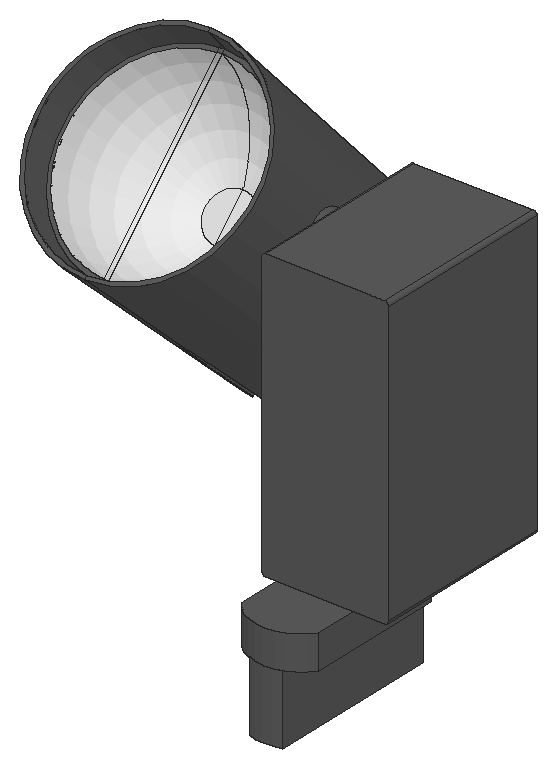
Revit family "0004899 Feilo Sylvania Lighting Fixture START TRACK SPOT S 24W 4K RA90 MB BLACK", category Lighting Fixtures, host Face, Revit 2017
Family settings
  Host = Face
  Round Connector Dimension = Use Diameter
  Part Type = Normal
  OmniClass Number = 23.80.70.00
  OmniClass Title = Lighting
  Cut with Voids When Loaded = No
  Light Source = No
  Shared = No
  Room Calculation Point = No
Parameters (values of type "0004899 START TRACK SPOT S 24W 4K RA90 MB BLACK")
  Weight = "0.966 kg"
  Wattage Comments = ""
  WarrantyStartDate [instance] = "n/a"
  WarrantyGuarantorParts = "n/a"
  WarrantyDurationUnit = "n/a"
  WarrantyDurationParts = "n/a"
  WarrantyDescription = "n/a"
  Voltage = 230 V
  URL = "http://www.sylvania-lighting.com"
  TypeName = "START TRACK SPOT S 24W 4K RA90 MB BLACK"
  TypeHead_FEILO = Start Track Spot Head : 0004899 START TRACK SPOT S 24W 4K RA90 MB BLACK
  TypeBox_FEILO = Start Track Spot Box : Type Small Black
  Type Image = <None>
  Type Comments = "n/a"
  VerticalRotation_FEILO [instance] = 0.00°
  SlideEndAngle_FEILO [instance] = VerticalRotation_FEILO + 180.00°  # 180.00°
  SerialNumber [instance] = "n/a"
  Material_3_FEILO = none
  PowerFactor = 0.95
  PowerConsumption = "24 W"
  NominalLength = 0 mm
  NominalHeight = 200 mm
  NominalDepth = 140 mm
  Name = "START TRACK SPOT S 24W 4K RA90 MB BLACK"
  ModelReference = Name  # "START TRACK SPOT S 24W 4K RA90 MB BLACK"
  ModelNumber = "0004899"
  Model = Name  # "START TRACK SPOT S 24W 4K RA90 MB BLACK"
  Material = "adc12 aluminium housing, polycarbonate diffuser"
  ManufacturerName = "Feilo Sylvania"
  Manufacturer = "Feilo Sylvania"
  LuminousEfficacy = "89 lm/W"
  LuminaireType = ""
  LightOutputRatio = "100"
  LampsType = Lamp  # "LED"
  LampNominalLuminous = "2141 lm"
  LampMacAdamStep = "3"
  LampColourTemperature = "4000 K"
  LampColourRenderingIndex = "90"
  Lamp = "LED"
  Keynote = "16500"
  InstallationDate [instance] = "n/a"
  InputVoltage = "230-240V~"
  InputNominalFrequency = "50/60 Hz"
  IngressProtection = "IP20"
  ImpactProtectionIndex = "IK02"
  IfcExportType = "IfcLightFixtureType"
  IfcExportAs = "IfcLightFixtureType"
  HorizontalRotation_FEILO [instance] = 45.00°
  ExpectedLife = 50000
  ElectricShockClassification = "Class II"
  DurationUnit = "hours"
  DocumentationLiterature = "http://www.sylvania-lighting.com/product/en-int/products/0004899"
  DimmingControlOptions = "Non dimmable"
  Material_2_FEILO = none
  Description = "Integrated LED spotlight, Textured Black - RAL9005, compact and minimalist design, ideal for retail applications, die-cast aluminium body, passive cooling heatsink. Beam angle: 36°, color temperature: 4000K , total system power: 24W, total fixture output: 2141 lm, LOR: 100%, colour rendering: Ra: 90 typical, LED Chromaticity: 3 step MacAdam ellipse, lifetime: >50000 hours at L70B50, energy class: A++, A+, A, IR/UV free light source without heat radiation, operating voltage: 220-240V / 50-60Hz, drive current: 600mA, electronic driver, non-dimmable, power factor: 0.95, electrical protection: Class II, Global Track 3 Phase adapter suitable for Global trac 3-circuit tracks, ingress protection rating: IP20, suitable for internal environment only, horizontal rotation: 355°, vertical tilt: 90°, dimensions: Ø86x140x200, weight: 0.966kg."
  Default Elevation = 1219.2 mm
  CreatedOn = "12/12/2017"
  CreatedBy = ""
  Cost = 0
  built-in parameter 1114216 [instance] = (empty or 0)
  ClassificationValue = "EF_70_80"
  ClassificationName = "Uniclass2015"
  Material_1_FEILO = Body-Sylvania-StartTrackSpot-Black
  BarCode [instance] = "n/a"
  AssetType = "Fixed"
  AssetIdentifier [instance] = "n/a"
  Assembly Code = "D5020200"
  Apparent Load = 24 VA
  Material_4_FEILO = none
Reference planes
  plane 1 "Center (Front/Back)": y = 0
  plane 2: z = 0
  plane 3 "Center (Left/Right)": x = 0
  plane 4: x = 15
  plane 5: x = -15
  plane 6: y = 35
  plane 7: y = -35
  plane 8: z = 13
  plane 9: z = -27
  plane 10: x = 6.5
  plane 11: x = -6.5
  plane 12: y = 27
  plane 13: y = -27
  plane 14: y = 20
Forms (mm)
  Extrusion 1, solid, material "Body-Sylvania-StartTrackSpot-Black" <- "Material_1_FEILO"
    sketch origin (0, 0, 0) x (1, 0, 0) y (0, 1, 0)
      loop
        line (-15, 27) -> (-15, -27)
        arc (-15, -27) -> (0, -35) -> (15, -27) r 18.062
        line (15, -27) -> (15, 27)
        arc (15, 27) -> (0, 35) -> (-15, 27) r 18.062
    from 0 to 13
  Extrusion 2, solid, material "Body-Sylvania-StartTrackSpot-Black" <- "Material_1_FEILO"
    sketch origin (0, 0, 0) x (1, 0, 0) y (0, 1, 0)
      loop
        arc (6.5, 33.79) -> (0, 35) -> (-6.5, 33.79) r 18.062
        line (-6.5, 33.79) -> (-6.5, -33.79)
        arc (-6.5, -33.79) -> (0, -35) -> (6.5, -33.79) r 18.062
        line (6.5, -33.79) -> (6.5, 33.79)
    from 0 to -27
  Revolve 3, solid, not visible
    sketch origin (1524, 20, 1219.2) x (1, 0, 0) y (0, 0, 1)
      loop
        line (-1524, -1206.2) -> (-1524, -1191.285) -> (-1530.5, -1191.285) -> (-1530.5, -1206.2) -> (-1524, -1206.2)
      axis (-1524, -1191.285) -> (-1524, -1206.2)
    angle from 0 <- "VerticalRotation_FEILO" to 180 <- "SlideEndAngle_FEILO"
Cuts and joins
  joined: Extrusion 1, Extrusion 2
Dimensions and locks
  equal spacing: plane 10, plane 3 "Center (Left/Right)", plane 11
  equal spacing: plane 4, plane 3 "Center (Left/Right)", plane 5
  locked: plane 8 to plane 2 at 13
  locked: plane 8 to plane 9 at 40
  equal spacing: plane 13, plane 1 "Center (Front/Back)", plane 12
  locked: plane 12 to plane 6 at 8
  locked: plane 14 to plane 6 at 15
  locked: Revolve 3 sketch curve to plane 8 at 14.915
  aligned and locked: plane 2 to host face
  aligned and locked: level to host face
  aligned and locked: plane 5 to Extrusion 1 sketch curve  (x2)
  aligned and locked: plane 12 to Extrusion 1 sketch curve
  aligned and locked: plane 13 to Extrusion 1 sketch curve
  aligned and locked: plane 4 to Extrusion 1 sketch curve
  aligned and locked: Extrusion 1 to plane 8
  aligned and locked: Extrusion 1 to level
  aligned and locked: Extrusion 2 sketch curve to Extrusion 1  (x2)
  aligned and locked: Extrusion 2 sketch curve to plane 11
  aligned and locked: plane 10 to Extrusion 2 sketch curve
  aligned and locked: plane 9 to Extrusion 2
  aligned and locked: level to Extrusion 2
  aligned and locked: Revolve 3 sketch curve to plane 3 "Center (Left/Right)"  (x2)
  aligned and locked: plane 11 to Revolve 3 sketch curve
  aligned and locked: Revolve 3 sketch curve to plane 8
Automatic sketch dimensions
  host sketch curve to host sketch curve = 2438.4 mm  (x2)
  Extrusion 1 sketch curve to plane 3 "Center (Left/Right)" = 0 mm  (x2)
  Extrusion 1 sketch curve to plane 13 = 10.062 mm
  plane 12 to Extrusion 1 sketch curve = 10.062 mm
  Revolve 3 sketch curve to plane 3 "Center (Left/Right)" = 0 mm
  plane 9 to Revolve 3 sketch curve = 582.6 mm
  Revolve 3 sketch curve to Revolve 3 sketch curve = 2581.144 mm
Nested families
  nested 1: "Start Track Spot Head" at (-62, 20, 112.529) x (0, 0.7071, 0.7071) z (0, 0.7071, -0.7071), type <- "TypeHead_FEILO", type "0004899 START TRACK SPOT S 24W 4K RA90 MB BLACK"
    with built-in parameter 1114216 (empty or 0)
  nested 2: "Start Track Spot Box" at (8.5, 20, 73) x (-1, 0, 0) z (0, -1, 0), BoxStartAngle_FEILO <- "HorizontalRotation_FEILO", type <- "TypeBox_FEILO", type "Type Small Black"
    with BoxStartAngle_FEILO 45.00°, BoxEndAngle_FEILO -135.00°
Connectors
  electrical at (0, 0, 0), driven by "Apparent Load", driven by "PowerFactor", driven by "Voltage"
    settings: index 1, voltage 230 V, apparent load 24 VA, apparent load phase1 0 VA, apparent load phase2 0 VA, apparent load phase3 0 VA, power factor 0.95, load classification "Lighting", number of poles 1, system type 30, power factor state 1, is connector primary yes, connector utility no, sub classification motor no, connector description ""
Definition of nested family "Start Track Spot Head"
  Parameters (values of type "0004811 START TRACK SPOT S 14W 3K RA80 NB WHITE")
    Wattage Comments = "n/a"
    Wattage = 14 W
    built-in parameter 1150110 = 1 (stored number, unit not read)
    URL = "http://www.feilosylvania.com"
    Type Image = (empty or 0)
    Type Comments = "n/a"
    built-in parameter 1114217 = 1 (stored number, unit not read)
    Tilt Angle = -90.00°
    built-in parameter 1150109 = 1 (stored number, unit not read)
    built-in parameter 1150134 = (empty or 0)
    built-in parameter 1150113 = 1 (stored number, unit not read)
    Photometric Web File = "0004811.ies"
    Material_3_FEILO = none
    Model = "START TRACK SPOT S 14W 3K RA80 NB WHITE"
    Manufacturer = "Feilo Sylvania"
    built-in parameter 1150105 = 123.66 (stored number, unit not read)
    Lumens = 1554 lm
    built-in parameter 1150115 = 1 (stored number, unit not read)
    built-in parameter 1150137 = (empty or 0)
    built-in parameter 1150139 = (empty or 0)
    built-in parameter 1150112 = 1 (stored number, unit not read)
    built-in parameter 1150114 = 1 (stored number, unit not read)
    Lamp = "LED"
    Keynote = "16500"
    Material_2_FEILO = none
    built-in parameter 1150132 = (empty or 0)
    built-in parameter 1150102 = (empty or 0)
    built-in parameter 1150107 = 3000 (stored number, unit not read)
    built-in parameter 1150138 = (empty or 0)
    built-in parameter 1150106 = 1.2366 (stored number, unit not read)
    HeadThickness_FEILO = if(HeadDiaOut_FEILO > 112 mm, 2 mm, 1.5 mm)  # 1.5 mm
    HeadRibOffset_FEILO = HeadHeight_FEILO / 28  # 4.179 mm
    HeadRibDepth_FEILO = HeadHeight_FEILO / 2.1  # 55.714 mm
    HeadRibCutWidth_FEILO = HeadDiaOut_FEILO / 12  # 7.167 mm
    HeadRibCutOffset_FEILO = HeadHeight_FEILO / 2.3  # 50.87 mm
    HeadReflectorRadius_FEILO = HeadDiaOut_FEILO / 1.7  # 50.588 mm
    HeadReflectorOffset_FEILO = HeadHeight_FEILO / 2.1  # 55.714 mm
    HeadLEDRadius_FEILO = HeadDiaOut_FEILO / 9  # 9.556 mm
    HeadHeight_FEILO = 117 mm
    HeadDraft_FEILO = 1 mm
    HeadDiffusorThickness_FEILO = 3 mm
    HeadDiffusorOffset_FEILO = HeadHeight_FEILO / 12.4  # 9.435 mm
    HeadDiaOut_FEILO = 86 mm
    HeadDiaIn_FEILO = HeadDiaOut_FEILO / 1.11  # 77.477 mm
    HeadAxisFromTop_FEILO = HeadHeight_FEILO / 1.687  # 69.354 mm
    Emit from Circle Diameter = HeadDiaIn_FEILO  # 77.477 mm
    Emit Shape Visible in Rendering = no
    built-in parameter 1150104 = 10.312 (stored number, unit not read)
    Dimming Lamp Color Temperature Shift = (empty or 0)
    Description = "Integrated LED spotlight, Textured White - RAL9016, compact and minimalist design, ideal for retail applications, die-cast aluminium body, passive cooling heatsink. Beam angle: 12°, color temperature: 3000K , total system power: 14W, total fixture output: 1551 lm, LOR: 100%, colour rendering: Ra: 80 typical, LED Chromaticity: 3 step MacAdam ellipse, lifetime: >50000 hours at L70B50, energy class: A++, A+, A, IR/UV free light source without heat radiation, operating voltage: 220-240V / 50-60Hz, drive current: 350mA, electronic driver, non-dimmable, power factor: 0.92, electrical protection: Class II, Global Track 3 Phase adapter suitable for Global trac 3-circuit tracks, ingress protection rating: IP20, suitable for internal environment only, horizontal rotation: 355°, vertical tilt: 90°, dimensions: Ø86x140x200, weight: 0.940kg."
    Default Elevation = 1219.2 mm
    Cost = 0
    Color Filter = 16777215
    built-in parameter 1114216 [instance] = (empty or 0)
    Material_1_FEILO = none
    built-in parameter 1114218 = 1 (stored number, unit not read)
    built-in parameter 1150133 = 10 (stored number, unit not read)
    Assembly Code = "D5020200"
    Apparent Load = 14 VA
    Material_4_FEILO = none
  Types (96, lengths in mm): name | Wattage | built-in parameter 1150134 | Photometric Web File | Model | built-in parameter 1150105 | Lumens | built-in parameter 1150107 | built-in parameter 1150106 | HeadThickness_FEILO | HeadRibOffset_FEILO | HeadRibDepth_FEILO | HeadRibCutWidth_FEILO | HeadRibCutOffset_FEILO | HeadReflectorRadius_FEILO | HeadReflectorOffset_FEILO | HeadLEDRadius_FEILO | HeadHeight_FEILO | HeadDiffusorOffset_FEILO | HeadDiaOut_FEILO | HeadDiaIn_FEILO | HeadAxisFromTop_FEILO | Emit from Circle Diameter | built-in parameter 1150104 | Description | Apparent Load
    0004906 START TRACK SPOT L 55W 4K RA90 WB BLACK | 55 W | 12 | "0004906.ies" | "START TRACK SPOT L 55W 4K RA90 WB BLACK" | 385.15 (stored number, unit not read) | 4840 lm | 4000 (stored number, unit not read) | 3.8515 (stored number, unit not read) | 2 | 4.429 | 59.048 | 9.417 | 53.913 | 66.471 | 59.048 | 12.556 | 124 | 10 | 113 | 101.802 | 73.503 | 101.802 | 8.1755 (stored number, unit not read) | "Integrated LED spotlight, Textured Black - RAL9005, compact and minimalist design, ideal for retail applications, die-cast aluminium body, passive cooling heatsink. Beam angle: 52°, color temperature: 4000K , total system power: 55W, total fixture output: 4824 lm, LOR: 100%, colour rendering: Ra: 90 typical, LED Chromaticity: 3 step MacAdam ellipse, lifetime: >50000 hours at L70B50, energy class: A++, A+, A, IR/UV free light source without heat radiation, operating voltage: 220-240V / 50-60Hz, drive current: 1400mA, electronic driver, non-dimmable, power factor: 0.96, electrical protection: Class II, Global Track 3 Phase adapter suitable for Global trac 3-circuit tracks, ingress protection rating: IP20, suitable for internal environment only, horizontal rotation: 355°, vertical tilt: 90°, dimensions: Ø113x164x240, weight: 1.398kg." | 55 VA
    0004905 START TRACK SPOT L 55W 4K RA90 MB BLACK | 55 W | 12 | "0004905.ies" | "START TRACK SPOT L 55W 4K RA90 MB BLACK" | 389.53 (stored number, unit not read) | 4895 lm | 4000 (stored number, unit not read) | 3.8953 (stored number, unit not read) | 2 | 4.429 | 59.048 | 9.417 | 53.913 | 66.471 | 59.048 | 12.556 | 124 | 10 | 113 | 101.802 | 73.503 | 101.802 | 8.2684 (stored number, unit not read) | "Integrated LED spotlight, Textured Black - RAL9005, compact and minimalist design, ideal for retail applications, die-cast aluminium body, passive cooling heatsink. Beam angle: 38°, color temperature: 4000K , total system power: 55W, total fixture output: 4897 lm, LOR: 100%, colour rendering: Ra: 90 typical, LED Chromaticity: 3 step MacAdam ellipse, lifetime: >50000 hours at L70B50, energy class: A++, A+, A, IR/UV free light source without heat radiation, operating voltage: 220-240V / 50-60Hz, drive current: 1400mA, electronic driver, non-dimmable, power factor: 0.96, electrical protection: Class II, Global Track 3 Phase adapter suitable for Global trac 3-circuit tracks, ingress protection rating: IP20, suitable for internal environment only, horizontal rotation: 355°, vertical tilt: 90°, dimensions: Ø113x164x240, weight: 1.398kg." | 55 VA
    0004904 START TRACK SPOT L 55W 4K RA90 NB BLACK | 55 W | 12 | "0004904.ies" | "START TRACK SPOT L 55W 4K RA90 NB BLACK" | 393.91 (stored number, unit not read) | 4950 lm | 4000 (stored number, unit not read) | 3.9391 (stored number, unit not read) | 2 | 4.429 | 59.048 | 9.417 | 53.913 | 66.471 | 59.048 | 12.556 | 124 | 10 | 113 | 101.802 | 73.503 | 101.802 | 8.3613 (stored number, unit not read) | "Integrated LED spotlight, Textured Black - RAL9005, compact and minimalist design, ideal for retail applications, die-cast aluminium body, passive cooling heatsink. Beam angle: 15°, color temperature: 4000K , total system power: 55W, total fixture output: 4965 lm, LOR: 100%, colour rendering: Ra: 90 typical, LED Chromaticity: 3 step MacAdam ellipse, lifetime: >50000 hours at L70B50, energy class: A++, A+, A, IR/UV free light source without heat radiation, operating voltage: 220-240V / 50-60Hz, drive current: 1400mA, electronic driver, non-dimmable, power factor: 0.96, electrical protection: Class II, Global Track 3 Phase adapter suitable for Global trac 3-circuit tracks, ingress protection rating: IP20, suitable for internal environment only, horizontal rotation: 355°, vertical tilt: 90°, dimensions: Ø113x164x240, weight: 1.398kg." | 55 VA
    0004903 START TRACK SPOT L 35W 4K RA90 WB BLACK | 35 W | 12 | "0004903.ies" | "START TRACK SPOT L 35W 4K RA90 WB BLACK" | 284.09 (stored number, unit not read) | 3570 lm | 4000 (stored number, unit not read) | 2.8409 (stored number, unit not read) | 2 | 4.429 | 59.048 | 9.417 | 53.913 | 66.471 | 59.048 | 12.556 | 124 | 10 | 113 | 101.802 | 73.503 | 101.802 | 9.4761 (stored number, unit not read) | "Integrated LED spotlight, Textured Black - RAL9005, compact and minimalist design, ideal for retail applications, die-cast aluminium body, passive cooling heatsink. Beam angle: 52°, color temperature: 4000K , total system power: 35W, total fixture output: 3562 lm, LOR: 100%, colour rendering: Ra: 90 typical, LED Chromaticity: 3 step MacAdam ellipse, lifetime: >50000 hours at L70B50, energy class: A++, A+, A, IR/UV free light source without heat radiation, operating voltage: 220-240V / 50-60Hz, drive current: 900mA, electronic driver, non-dimmable, power factor: 0.93, electrical protection: Class II, Global Track 3 Phase adapter suitable for Global trac 3-circuit tracks, ingress protection rating: IP20, suitable for internal environment only, horizontal rotation: 355°, vertical tilt: 90°, dimensions: Ø113x164x240, weight: 1.368kg." | 35 VA
    0004902 START TRACK SPOT L 35W 4K RA90 MB BLACK | 35 W | 12 | "0004902.ies" | "START TRACK SPOT L 35W 4K RA90 MB BLACK" | 286.88 (stored number, unit not read) | 3605 lm | 4000 (stored number, unit not read) | 2.8688 (stored number, unit not read) | 2 | 4.429 | 59.048 | 9.417 | 53.913 | 66.471 | 59.048 | 12.556 | 124 | 10 | 113 | 101.802 | 73.503 | 101.802 | 9.569 (stored number, unit not read) | "Integrated LED spotlight, Textured Black - RAL9005, compact and minimalist design, ideal for retail applications, die-cast aluminium body, passive cooling heatsink. Beam angle: 38°, color temperature: 4000K , total system power: 35W, total fixture output: 3616 lm, LOR: 100%, colour rendering: Ra: 90 typical, LED Chromaticity: 3 step MacAdam ellipse, lifetime: >50000 hours at L70B50, energy class: A++, A+, A, IR/UV free light source without heat radiation, operating voltage: 220-240V / 50-60Hz, drive current: 900mA, electronic driver, non-dimmable, power factor: 0.93, electrical protection: Class II, Global Track 3 Phase adapter suitable for Global trac 3-circuit tracks, ingress protection rating: IP20, suitable for internal environment only, horizontal rotation: 355°, vertical tilt: 90°, dimensions: Ø113x164x240, weight: 1.368kg." | 35 VA
    0004901 START TRACK SPOT L 35W 4K RA90 NB BLACK | 35 W | 12 | "0004901.ies" | "START TRACK SPOT L 35W 4K RA90 NB BLACK" | 286.88 (stored number, unit not read) | 3605 lm | 4000 (stored number, unit not read) | 2.8688 (stored number, unit not read) | 2 | 4.429 | 59.048 | 9.417 | 53.913 | 66.471 | 59.048 | 12.556 | 124 | 10 | 113 | 101.802 | 73.503 | 101.802 | 9.569 (stored number, unit not read) | "Integrated LED spotlight, Textured Black - RAL9005, compact and minimalist design, ideal for retail applications, die-cast aluminium body, passive cooling heatsink. Beam angle: 15°, color temperature: 4000K , total system power: 35W, total fixture output: 3593 lm, LOR: 100%, colour rendering: Ra: 90 typical, LED Chromaticity: 3 step MacAdam ellipse, lifetime: >50000 hours at L70B50, energy class: A++, A+, A, IR/UV free light source without heat radiation, operating voltage: 220-240V / 50-60Hz, drive current: 900mA, electronic driver, non-dimmable, power factor: 0.93, electrical protection: Class II, Global Track 3 Phase adapter suitable for Global trac 3-circuit tracks, ingress protection rating: IP20, suitable for internal environment only, horizontal rotation: 355°, vertical tilt: 90°, dimensions: Ø113x164x240, weight: 1.368kg." | 35 VA
    0004900 START TRACK SPOT S 24W 4K RA90 WB BLACK | 24 W | 12 | "0004900.ies" | "START TRACK SPOT S 24W 4K RA90 WB BLACK" | 166.16 (stored number, unit not read) | 2088 lm | 4000 (stored number, unit not read) | 1.6616 (stored number, unit not read) | 1.5 | 4.179 | 55.714 | 7.167 | 50.87 | 50.588 | 55.714 | 9.556 | 117 | 9.435 | 86 | 77.477 | 69.354 | 77.477 | 8.0826 (stored number, unit not read) | "Integrated LED spotlight, Textured Black - RAL9005, compact and minimalist design, ideal for retail applications, die-cast aluminium body, passive cooling heatsink. Beam angle: 64°, color temperature: 4000K , total system power: 24W, total fixture output: 2087 lm, LOR: 100%, colour rendering: Ra: 90 typical, LED Chromaticity: 3 step MacAdam ellipse, lifetime: >50000 hours at L70B50, energy class: A++, A+, A, IR/UV free light source without heat radiation, operating voltage: 220-240V / 50-60Hz, drive current: 600mA, electronic driver, non-dimmable, power factor: 0.95, electrical protection: Class II, Global Track 3 Phase adapter suitable for Global trac 3-circuit tracks, ingress protection rating: IP20, suitable for internal environment only, horizontal rotation: 355°, vertical tilt: 90°, dimensions: Ø86x140x200, weight: 0.966kg." | 24 VA
    0004899 START TRACK SPOT S 24W 4K RA90 MB BLACK | 24 W | 12 | "0004899.ies" | "START TRACK SPOT S 24W 4K RA90 MB BLACK" | 169.98 (stored number, unit not read) | 2136 lm | 4000 (stored number, unit not read) | 1.6998 (stored number, unit not read) | 1.5 | 4.179 | 55.714 | 7.167 | 50.87 | 50.588 | 55.714 | 9.556 | 117 | 9.435 | 86 | 77.477 | 69.354 | 77.477 | 8.2684 (stored number, unit not read) | "Integrated LED spotlight, Textured Black - RAL9005, compact and minimalist design, ideal for retail applications, die-cast aluminium body, passive cooling heatsink. Beam angle: 36°, color temperature: 4000K , total system power: 24W, total fixture output: 2141 lm, LOR: 100%, colour rendering: Ra: 90 typical, LED Chromaticity: 3 step MacAdam ellipse, lifetime: >50000 hours at L70B50, energy class: A++, A+, A, IR/UV free light source without heat radiation, operating voltage: 220-240V / 50-60Hz, drive current: 600mA, electronic driver, non-dimmable, power factor: 0.95, electrical protection: Class II, Global Track 3 Phase adapter suitable for Global trac 3-circuit tracks, ingress protection rating: IP20, suitable for internal environment only, horizontal rotation: 355°, vertical tilt: 90°, dimensions: Ø86x140x200, weight: 0.966kg." | 24 VA
    0004898 START TRACK SPOT S 24W 4K RA90 NB BLACK | 24 W | 12 | "0004898.ies" | "START TRACK SPOT S 24W 4K RA90 NB BLACK" | 171.89 (stored number, unit not read) | 2160 lm | 4000 (stored number, unit not read) | 1.7189 (stored number, unit not read) | 1.5 | 4.179 | 55.714 | 7.167 | 50.87 | 50.588 | 55.714 | 9.556 | 117 | 9.435 | 86 | 77.477 | 69.354 | 77.477 | 8.3613 (stored number, unit not read) | "Integrated LED spotlight, Textured Black - RAL9005, compact and minimalist design, ideal for retail applications, die-cast aluminium body, passive cooling heatsink. Beam angle: 12°, color temperature: 4000K , total system power: 24W, total fixture output: 2155 lm, LOR: 100%, colour rendering: Ra: 90 typical, LED Chromaticity: 3 step MacAdam ellipse, lifetime: >50000 hours at L70B50, energy class: A++, A+, A, IR/UV free light source without heat radiation, operating voltage: 220-240V / 50-60Hz, drive current: 600mA, electronic driver, non-dimmable, power factor: 0.95, electrical protection: Class II, Global Track 3 Phase adapter suitable for Global trac 3-circuit tracks, ingress protection rating: IP20, suitable for internal environment only, horizontal rotation: 355°, vertical tilt: 90°, dimensions: Ø86x140x200, weight: 0.966kg." | 24 VA
    0004897 START TRACK SPOT S 14W 4K RA90 WB BLACK | 14 W | 12 | "0004897.ies" | "START TRACK SPOT S 14W 4K RA90 WB BLACK" | 108.07 (stored number, unit not read) | 1358 lm | 4000 (stored number, unit not read) | 1.0807 (stored number, unit not read) | 1.5 | 4.179 | 55.714 | 7.167 | 50.87 | 50.588 | 55.714 | 9.556 | 117 | 9.435 | 86 | 77.477 | 69.354 | 77.477 | 9.0116 (stored number, unit not read) | "Integrated LED spotlight, Textured Black - RAL9005, compact and minimalist design, ideal for retail applications, die-cast aluminium body, passive cooling heatsink. Beam angle: 64°, color temperature: 4000K , total system power: 14W, total fixture output: 1352 lm, LOR: 100%, colour rendering: Ra: 90 typical, LED Chromaticity: 3 step MacAdam ellipse, lifetime: >50000 hours at L70B50, energy class: A++, A+, A, IR/UV free light source without heat radiation, operating voltage: 220-240V / 50-60Hz, drive current: 350mA, electronic driver, non-dimmable, power factor: 0.92, electrical protection: Class II, Global Track 3 Phase adapter suitable for Global trac 3-circuit tracks, ingress protection rating: IP20, suitable for internal environment only, horizontal rotation: 355°, vertical tilt: 90°, dimensions: Ø86x140x200, weight: 0.940kg." | 14 VA
    0004896 START TRACK SPOT S 14W 4K RA90 MB BLACK | 14 W | 12 | "0004896.ies" | "START TRACK SPOT S 14W 4K RA90 MB BLACK" | 108.07 (stored number, unit not read) | 1358 lm | 4000 (stored number, unit not read) | 1.0807 (stored number, unit not read) | 1.5 | 4.179 | 55.714 | 7.167 | 50.87 | 50.588 | 55.714 | 9.556 | 117 | 9.435 | 86 | 77.477 | 69.354 | 77.477 | 9.0116 (stored number, unit not read) | "Integrated LED spotlight, Textured Black - RAL9005, compact and minimalist design, ideal for retail applications, die-cast aluminium body, passive cooling heatsink. Beam angle: 36°, color temperature: 4000K , total system power: 14W, total fixture output: 1359 lm, LOR: 100%, colour rendering: Ra: 90 typical, LED Chromaticity: 3 step MacAdam ellipse, lifetime: >50000 hours at L70B50, energy class: A++, A+, A, IR/UV free light source without heat radiation, operating voltage: 220-240V / 50-60Hz, drive current: 350mA, electronic driver, non-dimmable, power factor: 0.92, electrical protection: Class II, Global Track 3 Phase adapter suitable for Global trac 3-circuit tracks, ingress protection rating: IP20, suitable for internal environment only, horizontal rotation: 355°, vertical tilt: 90°, dimensions: Ø86x140x200, weight: 0.940kg." | 14 VA
    0004895 START TRACK SPOT S 14W 4K RA90 NB BLACK | 14 W | 12 | "0004895.ies" | "START TRACK SPOT S 14W 4K RA90 NB BLACK" | 106.95 (stored number, unit not read) | 1344 lm | 4000 (stored number, unit not read) | 1.0695 (stored number, unit not read) | 1.5 | 4.179 | 55.714 | 7.167 | 50.87 | 50.588 | 55.714 | 9.556 | 117 | 9.435 | 86 | 77.477 | 69.354 | 77.477 | 8.9187 (stored number, unit not read) | "Integrated LED spotlight, Textured Black - RAL9005, compact and minimalist design, ideal for retail applications, die-cast aluminium body, passive cooling heatsink. Beam angle: 12°, color temperature: 4000K , total system power: 14W, total fixture output: 1349 lm, LOR: 100%, colour rendering: Ra: 90 typical, LED Chromaticity: 3 step MacAdam ellipse, lifetime: >50000 hours at L70B50, energy class: A++, A+, A, IR/UV free light source without heat radiation, operating voltage: 220-240V / 50-60Hz, drive current: 350mA, electronic driver, non-dimmable, power factor: 0.92, electrical protection: Class II, Global Track 3 Phase adapter suitable for Global trac 3-circuit tracks, ingress protection rating: IP20, suitable for internal environment only, horizontal rotation: 355°, vertical tilt: 90°, dimensions: Ø86x140x200, weight: 0.940kg." | 14 VA
    0004894 START TRACK SPOT L 55W 3K RA90 WB BLACK | 55 W | (empty or 0) | "0004894.ies" | "START TRACK SPOT L 55W 3K RA90 WB BLACK" | 350.14 (stored number, unit not read) | 4400 lm | 3000 (stored number, unit not read) | 3.5014 (stored number, unit not read) | 2 | 4.429 | 59.048 | 9.417 | 53.913 | 66.471 | 59.048 | 12.556 | 124 | 10 | 113 | 101.802 | 73.503 | 101.802 | 7.4322 (stored number, unit not read) | "Integrated LED spotlight, Textured Black - RAL9005, compact and minimalist design, ideal for retail applications, die-cast aluminium body, passive cooling heatsink. Beam angle: 52°, color temperature: 3000K , total system power: 55W, total fixture output: 4405 lm, LOR: 100%, colour rendering: Ra: 90 typical, LED Chromaticity: 3 step MacAdam ellipse, lifetime: >50000 hours at L70B50, energy class: A++, A+, A, IR/UV free light source without heat radiation, operating voltage: 220-240V / 50-60Hz, drive current: 1400mA, electronic driver, non-dimmable, power factor: 0.96, electrical protection: Class II, Global Track 3 Phase adapter suitable for Global trac 3-circuit tracks, ingress protection rating: IP20, suitable for internal environment only, horizontal rotation: 355°, vertical tilt: 90°, dimensions: Ø113x164x240, weight: 1.398kg." | 55 VA
    0004893 START TRACK SPOT L 55W 3K RA90 MB BLACK | 55 W | (empty or 0) | "0004893.ies" | "START TRACK SPOT L 55W 3K RA90 MB BLACK" | 354.52 (stored number, unit not read) | 4455 lm | 3000 (stored number, unit not read) | 3.5452 (stored number, unit not read) | 2 | 4.429 | 59.048 | 9.417 | 53.913 | 66.471 | 59.048 | 12.556 | 124 | 10 | 113 | 101.802 | 73.503 | 101.802 | 7.5251 (stored number, unit not read) | "Integrated LED spotlight, Textured Black - RAL9005, compact and minimalist design, ideal for retail applications, die-cast aluminium body, passive cooling heatsink. Beam angle: 38°, color temperature: 3000K , total system power: 55W, total fixture output: 4448 lm, LOR: 100%, colour rendering: Ra: 90 typical, LED Chromaticity: 3 step MacAdam ellipse, lifetime: >50000 hours at L70B50, energy class: A++, A+, A, IR/UV free light source without heat radiation, operating voltage: 220-240V / 50-60Hz, drive current: 1400mA, electronic driver, non-dimmable, power factor: 0.96, electrical protection: Class II, Global Track 3 Phase adapter suitable for Global trac 3-circuit tracks, ingress protection rating: IP20, suitable for internal environment only, horizontal rotation: 355°, vertical tilt: 90°, dimensions: Ø113x164x240, weight: 1.398kg." | 55 VA
    0004892 START TRACK SPOT L 55W 3K RA90 NB BLACK | 55 W | (empty or 0) | "0004892.ies" | "START TRACK SPOT L 55W 3K RA90 NB BLACK" | 350.14 (stored number, unit not read) | 4400 lm | 3000 (stored number, unit not read) | 3.5014 (stored number, unit not read) | 2 | 4.429 | 59.048 | 9.417 | 53.913 | 66.471 | 59.048 | 12.556 | 124 | 10 | 113 | 101.802 | 73.503 | 101.802 | 7.4322 (stored number, unit not read) | "Integrated LED spotlight, Textured Black - RAL9005, compact and minimalist design, ideal for retail applications, die-cast aluminium body, passive cooling heatsink. Beam angle: 15°, color temperature: 3000K , total system power: 55W, total fixture output: 4416 lm, LOR: 100%, colour rendering: Ra: 90 typical, LED Chromaticity: 3 step MacAdam ellipse, lifetime: >50000 hours at L70B50, energy class: A++, A+, A, IR/UV free light source without heat radiation, operating voltage: 220-240V / 50-60Hz, drive current: 1400mA, electronic driver, non-dimmable, power factor: 0.96, electrical protection: Class II, Global Track 3 Phase adapter suitable for Global trac 3-circuit tracks, ingress protection rating: IP20, suitable for internal environment only, horizontal rotation: 355°, vertical tilt: 90°, dimensions: Ø113x164x240, weight: 1.398kg." | 55 VA
    0004891 START TRACK SPOT L 35W 3K RA90 WB BLACK | 35 W | (empty or 0) | "0004891.ies" | "START TRACK SPOT L 35W 3K RA90 WB BLACK" | 259.02 (stored number, unit not read) | 3255 lm | 3000 (stored number, unit not read) | 2.5902 (stored number, unit not read) | 2 | 4.429 | 59.048 | 9.417 | 53.913 | 66.471 | 59.048 | 12.556 | 124 | 10 | 113 | 101.802 | 73.503 | 101.802 | 8.64 (stored number, unit not read) | "Integrated LED spotlight, Textured Black - RAL9005, compact and minimalist design, ideal for retail applications, die-cast aluminium body, passive cooling heatsink. Beam angle: 52°, color temperature: 3000K , total system power: 35W, total fixture output: 3260 lm, LOR: 100%, colour rendering: Ra: 90 typical, LED Chromaticity: 3 step MacAdam ellipse, lifetime: >50000 hours at L70B50, energy class: A++, A+, A, IR/UV free light source without heat radiation, operating voltage: 220-240V / 50-60Hz, drive current: 900mA, electronic driver, non-dimmable, power factor: 0.93, electrical protection: Class II, Global Track 3 Phase adapter suitable for Global trac 3-circuit tracks, ingress protection rating: IP20, suitable for internal environment only, horizontal rotation: 355°, vertical tilt: 90°, dimensions: Ø113x164x240, weight: 1.368kg." | 35 VA
    0004890 START TRACK SPOT L 35W 3K RA90 MB BLACK | 35 W | (empty or 0) | "0004890.ies" | "START TRACK SPOT L 35W 3K RA90 MB BLACK" | 261.81 (stored number, unit not read) | 3290 lm | 3000 (stored number, unit not read) | 2.6181 (stored number, unit not read) | 2 | 4.429 | 59.048 | 9.417 | 53.913 | 66.471 | 59.048 | 12.556 | 124 | 10 | 113 | 101.802 | 73.503 | 101.802 | 8.7329 (stored number, unit not read) | "Integrated LED spotlight, Textured Black - RAL9005, compact and minimalist design, ideal for retail applications, die-cast aluminium body, passive cooling heatsink. Beam angle: 38°, color temperature: 3000K , total system power: 35W, total fixture output: 3306 lm, LOR: 100%, colour rendering: Ra: 90 typical, LED Chromaticity: 3 step MacAdam ellipse, lifetime: >50000 hours at L70B50, energy class: A++, A+, A, IR/UV free light source without heat radiation, operating voltage: 220-240V / 50-60Hz, drive current: 900mA, electronic driver, non-dimmable, power factor: 0.93, electrical protection: Class II, Global Track 3 Phase adapter suitable for Global trac 3-circuit tracks, ingress protection rating: IP20, suitable for internal environment only, horizontal rotation: 355°, vertical tilt: 90°, dimensions: Ø113x164x240, weight: 1.368kg." | 35 VA
    0004889 START TRACK SPOT L 35W 3K RA90 NB BLACK | 35 W | (empty or 0) | "0004889.ies" | "START TRACK SPOT L 35W 3K RA90 NB BLACK" | 261.81 (stored number, unit not read) | 3290 lm | 3000 (stored number, unit not read) | 2.6181 (stored number, unit not read) | 2 | 4.429 | 59.048 | 9.417 | 53.913 | 66.471 | 59.048 | 12.556 | 124 | 10 | 113 | 101.802 | 73.503 | 101.802 | 8.7329 (stored number, unit not read) | "Integrated LED spotlight, Textured Black - RAL9005, compact and minimalist design, ideal for retail applications, die-cast aluminium body, passive cooling heatsink. Beam angle: 15°, color temperature: 3000K , total system power: 35W, total fixture output: 3287 lm, LOR: 100%, colour rendering: Ra: 90 typical, LED Chromaticity: 3 step MacAdam ellipse, lifetime: >50000 hours at L70B50, energy class: A++, A+, A, IR/UV free light source without heat radiation, operating voltage: 220-240V / 50-60Hz, drive current: 900mA, electronic driver, non-dimmable, power factor: 0.93, electrical protection: Class II, Global Track 3 Phase adapter suitable for Global trac 3-circuit tracks, ingress protection rating: IP20, suitable for internal environment only, horizontal rotation: 355°, vertical tilt: 90°, dimensions: Ø113x164x240, weight: 1.368kg." | 35 VA
    0004888 START TRACK SPOT S 24W 3K RA90 WB BLACK | 24 W | (empty or 0) | "0004888.ies" | "START TRACK SPOT S 24W 3K RA90 WB BLACK" | 152.79 (stored number, unit not read) | 1920 lm | 3000 (stored number, unit not read) | 1.5279 (stored number, unit not read) | 1.5 | 4.179 | 55.714 | 7.167 | 50.87 | 50.588 | 55.714 | 9.556 | 117 | 9.435 | 86 | 77.477 | 69.354 | 77.477 | 7.4322 (stored number, unit not read) | "Integrated LED spotlight, Textured Black - RAL9005, compact and minimalist design, ideal for retail applications, die-cast aluminium body, passive cooling heatsink. Beam angle: 64°, color temperature: 3000K , total system power: 24W, total fixture output: 1928 lm, LOR: 100%, colour rendering: Ra: 90 typical, LED Chromaticity: 3 step MacAdam ellipse, lifetime: >50000 hours at L70B50, energy class: A++, A+, A, IR/UV free light source without heat radiation, operating voltage: 220-240V / 50-60Hz, drive current: 600mA, electronic driver, non-dimmable, power factor: 0.95, electrical protection: Class II, Global Track 3 Phase adapter suitable for Global trac 3-circuit tracks, ingress protection rating: IP20, suitable for internal environment only, horizontal rotation: 355°, vertical tilt: 90°, dimensions: Ø86x140x200, weight: 0.966kg." | 24 VA
    0004887 START TRACK SPOT S 24W 3K RA90 MB BLACK | 24 W | (empty or 0) | "0004887.ies" | "START TRACK SPOT S 24W 3K RA90 MB BLACK" | 154.7 (stored number, unit not read) | 1944 lm | 3000 (stored number, unit not read) | 1.547 (stored number, unit not read) | 1.5 | 4.179 | 55.714 | 7.167 | 50.87 | 50.588 | 55.714 | 9.556 | 117 | 9.435 | 86 | 77.477 | 69.354 | 77.477 | 7.5251 (stored number, unit not read) | "Integrated LED spotlight, Textured Black - RAL9005, compact and minimalist design, ideal for retail applications, die-cast aluminium body, passive cooling heatsink. Beam angle: 36°, color temperature: 3000K , total system power: 24W, total fixture output: 1944 lm, LOR: 100%, colour rendering: Ra: 90 typical, LED Chromaticity: 3 step MacAdam ellipse, lifetime: >50000 hours at L70B50, energy class: A++, A+, A, IR/UV free light source without heat radiation, operating voltage: 220-240V / 50-60Hz, drive current: 600mA, electronic driver, non-dimmable, power factor: 0.95, electrical protection: Class II, Global Track 3 Phase adapter suitable for Global trac 3-circuit tracks, ingress protection rating: IP20, suitable for internal environment only, horizontal rotation: 355°, vertical tilt: 90°, dimensions: Ø86x140x200, weight: 0.966kg." | 24 VA
    0004886 START TRACK SPOT S 24W 3K RA90 NB BLACK | 24 W | (empty or 0) | "0004886.ies" | "START TRACK SPOT S 24W 3K RA90 NB BLACK" | 158.52 (stored number, unit not read) | 1992 lm | 3000 (stored number, unit not read) | 1.5852 (stored number, unit not read) | 1.5 | 4.179 | 55.714 | 7.167 | 50.87 | 50.588 | 55.714 | 9.556 | 117 | 9.435 | 86 | 77.477 | 69.354 | 77.477 | 7.711 (stored number, unit not read) | "Integrated LED spotlight, Textured Black - RAL9005, compact and minimalist design, ideal for retail applications, die-cast aluminium body, passive cooling heatsink. Beam angle: 12°, color temperature: 3000K , total system power: 24W, total fixture output: 1987 lm, LOR: 100%, colour rendering: Ra: 90 typical, LED Chromaticity: 3 step MacAdam ellipse, lifetime: >50000 hours at L70B50, energy class: A++, A+, A, IR/UV free light source without heat radiation, operating voltage: 220-240V / 50-60Hz, drive current: 600mA, electronic driver, non-dimmable, power factor: 0.95, electrical protection: Class II, Global Track 3 Phase adapter suitable for Global trac 3-circuit tracks, ingress protection rating: IP20, suitable for internal environment only, horizontal rotation: 355°, vertical tilt: 90°, dimensions: Ø86x140x200, weight: 0.966kg." | 24 VA
    0004885 START TRACK SPOT S 14W 3K RA90 WB BLACK | 14 W | (empty or 0) | "0004885.ies" | "START TRACK SPOT S 14W 3K RA90 WB BLACK" | 100.27 (stored number, unit not read) | 1260 lm | 3000 (stored number, unit not read) | 1.0027 (stored number, unit not read) | 1.5 | 4.179 | 55.714 | 7.167 | 50.87 | 50.588 | 55.714 | 9.556 | 117 | 9.435 | 86 | 77.477 | 69.354 | 77.477 | 8.3613 (stored number, unit not read) | "Integrated LED spotlight, Textured Black - RAL9005, compact and minimalist design, ideal for retail applications, die-cast aluminium body, passive cooling heatsink. Beam angle: 64°, color temperature: 3000K , total system power: 14W, total fixture output: 1262 lm, LOR: 100%, colour rendering: Ra: 90 typical, LED Chromaticity: 3 step MacAdam ellipse, lifetime: >50000 hours at L70B50, energy class: A++, A+, A, IR/UV free light source without heat radiation, operating voltage: 220-240V / 50-60Hz, drive current: 350mA, electronic driver, non-dimmable, power factor: 0.92, electrical protection: Class II, Global Track 3 Phase adapter suitable for Global trac 3-circuit tracks, ingress protection rating: IP20, suitable for internal environment only, horizontal rotation: 355°, vertical tilt: 90°, dimensions: Ø86x140x200, weight: 0.940kg." | 14 VA
    0004884 START TRACK SPOT S 14W 3K RA90 MB BLACK | 14 W | (empty or 0) | "0004884.ies" | "START TRACK SPOT S 14W 3K RA90 MB BLACK" | 100.27 (stored number, unit not read) | 1260 lm | 3000 (stored number, unit not read) | 1.0027 (stored number, unit not read) | 1.5 | 4.179 | 55.714 | 7.167 | 50.87 | 50.588 | 55.714 | 9.556 | 117 | 9.435 | 86 | 77.477 | 69.354 | 77.477 | 8.3613 (stored number, unit not read) | "Integrated LED spotlight, Textured Black - RAL9005, compact and minimalist design, ideal for retail applications, die-cast aluminium body, passive cooling heatsink. Beam angle: 36°, color temperature: 3000K , total system power: 14W, total fixture output: 1262 lm, LOR: 100%, colour rendering: Ra: 90 typical, LED Chromaticity: 3 step MacAdam ellipse, lifetime: >50000 hours at L70B50, energy class: A++, A+, A, IR/UV free light source without heat radiation, operating voltage: 220-240V / 50-60Hz, drive current: 350mA, electronic driver, non-dimmable, power factor: 0.92, electrical protection: Class II, Global Track 3 Phase adapter suitable for Global trac 3-circuit tracks, ingress protection rating: IP20, suitable for internal environment only, horizontal rotation: 355°, vertical tilt: 90°, dimensions: Ø86x140x200, weight: 0.940kg." | 14 VA
    0004883 START TRACK SPOT S 14W 3K RA90 NB BLACK | 14 W | (empty or 0) | "0004883.ies" | "START TRACK SPOT S 14W 3K RA90 NB BLACK" | 102.5 (stored number, unit not read) | 1288 lm | 3000 (stored number, unit not read) | 1.025 (stored number, unit not read) | 1.5 | 4.179 | 55.714 | 7.167 | 50.87 | 50.588 | 55.714 | 9.556 | 117 | 9.435 | 86 | 77.477 | 69.354 | 77.477 | 8.5471 (stored number, unit not read) | "Integrated LED spotlight, Textured Black - RAL9005, compact and minimalist design, ideal for retail applications, die-cast aluminium body, passive cooling heatsink. Beam angle: 12°, color temperature: 3000K , total system power: 14W, total fixture output: 1284 lm, LOR: 100%, colour rendering: Ra: 90 typical, LED Chromaticity: 3 step MacAdam ellipse, lifetime: >50000 hours at L70B50, energy class: A++, A+, A, IR/UV free light source without heat radiation, operating voltage: 220-240V / 50-60Hz, drive current: 350mA, electronic driver, non-dimmable, power factor: 0.92, electrical protection: Class II, Global Track 3 Phase adapter suitable for Global trac 3-circuit tracks, ingress protection rating: IP20, suitable for internal environment only, horizontal rotation: 355°, vertical tilt: 90°, dimensions: Ø86x140x200, weight: 0.940kg." | 14 VA
    0004882 START TRACK SPOT L 55W 4K RA90 WB WHITE | 55 W | 12 | "0004882.ies" | "START TRACK SPOT L 55W 4K RA90 WB WHITE" | 385.15 (stored number, unit not read) | 4840 lm | 4000 (stored number, unit not read) | 3.8515 (stored number, unit not read) | 2 | 4.429 | 59.048 | 9.417 | 53.913 | 66.471 | 59.048 | 12.556 | 124 | 10 | 113 | 101.802 | 73.503 | 101.802 | 8.1755 (stored number, unit not read) | "Integrated LED spotlight, Textured White - RAL9016, compact and minimalist design, ideal for retail applications, die-cast aluminium body, passive cooling heatsink. Beam angle: 52°, color temperature: 4000K , total system power: 55W, total fixture output: 4824 lm, LOR: 100%, colour rendering: Ra: 90 typical, LED Chromaticity: 3 step MacAdam ellipse, lifetime: >50000 hours at L70B50, energy class: A++, A+, A, IR/UV free light source without heat radiation, operating voltage: 220-240V / 50-60Hz, drive current: 1400mA, electronic driver, non-dimmable, power factor: 0.96, electrical protection: Class II, Global Track 3 Phase adapter suitable for Global trac 3-circuit tracks, ingress protection rating: IP20, suitable for internal environment only, horizontal rotation: 355°, vertical tilt: 90°, dimensions: Ø113x164x240, weight: 1.398kg." | 55 VA
    0004881 START TRACK SPOT L 55W 4K RA90 MB WHITE | 55 W | 12 | "0004881.ies" | "START TRACK SPOT L 55W 4K RA90 MB WHITE" | 389.53 (stored number, unit not read) | 4895 lm | 4000 (stored number, unit not read) | 3.8953 (stored number, unit not read) | 2 | 4.429 | 59.048 | 9.417 | 53.913 | 66.471 | 59.048 | 12.556 | 124 | 10 | 113 | 101.802 | 73.503 | 101.802 | 8.2684 (stored number, unit not read) | "Integrated LED spotlight, Textured White - RAL9016, compact and minimalist design, ideal for retail applications, die-cast aluminium body, passive cooling heatsink. Beam angle: 38°, color temperature: 4000K , total system power: 55W, total fixture output: 4897 lm, LOR: 100%, colour rendering: Ra: 90 typical, LED Chromaticity: 3 step MacAdam ellipse, lifetime: >50000 hours at L70B50, energy class: A++, A+, A, IR/UV free light source without heat radiation, operating voltage: 220-240V / 50-60Hz, drive current: 1400mA, electronic driver, non-dimmable, power factor: 0.96, electrical protection: Class II, Global Track 3 Phase adapter suitable for Global trac 3-circuit tracks, ingress protection rating: IP20, suitable for internal environment only, horizontal rotation: 355°, vertical tilt: 90°, dimensions: Ø113x164x240, weight: 1.398kg." | 55 VA
    0004880 START TRACK SPOT L 55W 4K RA90 NB WHITE | 55 W | 12 | "0004880.ies" | "START TRACK SPOT L 55W 4K RA90 NB WHITE" | 393.91 (stored number, unit not read) | 4950 lm | 4000 (stored number, unit not read) | 3.9391 (stored number, unit not read) | 2 | 4.429 | 59.048 | 9.417 | 53.913 | 66.471 | 59.048 | 12.556 | 124 | 10 | 113 | 101.802 | 73.503 | 101.802 | 8.3613 (stored number, unit not read) | "Integrated LED spotlight, Textured White - RAL9016, compact and minimalist design, ideal for retail applications, die-cast aluminium body, passive cooling heatsink. Beam angle: 15°, color temperature: 4000K , total system power: 55W, total fixture output: 4965 lm, LOR: 100%, colour rendering: Ra: 90 typical, LED Chromaticity: 3 step MacAdam ellipse, lifetime: >50000 hours at L70B50, energy class: A++, A+, A, IR/UV free light source without heat radiation, operating voltage: 220-240V / 50-60Hz, drive current: 1400mA, electronic driver, non-dimmable, power factor: 0.96, electrical protection: Class II, Global Track 3 Phase adapter suitable for Global trac 3-circuit tracks, ingress protection rating: IP20, suitable for internal environment only, horizontal rotation: 355°, vertical tilt: 90°, dimensions: Ø113x164x240, weight: 1.398kg." | 55 VA
    0004879 START TRACK SPOT L 35W 4K RA90 WB WHITE | 35 W | 12 | "0004879.ies" | "START TRACK SPOT L 35W 4K RA90 WB WHITE" | 284.09 (stored number, unit not read) | 3570 lm | 4000 (stored number, unit not read) | 2.8409 (stored number, unit not read) | 2 | 4.429 | 59.048 | 9.417 | 53.913 | 66.471 | 59.048 | 12.556 | 124 | 10 | 113 | 101.802 | 73.503 | 101.802 | 9.4761 (stored number, unit not read) | "Integrated LED spotlight, Textured White - RAL9016, compact and minimalist design, ideal for retail applications, die-cast aluminium body, passive cooling heatsink. Beam angle: 52°, color temperature: 4000K , total system power: 35W, total fixture output: 3562 lm, LOR: 100%, colour rendering: Ra: 90 typical, LED Chromaticity: 3 step MacAdam ellipse, lifetime: >50000 hours at L70B50, energy class: A++, A+, A, IR/UV free light source without heat radiation, operating voltage: 220-240V / 50-60Hz, drive current: 900mA, electronic driver, non-dimmable, power factor: 0.93, electrical protection: Class II, Global Track 3 Phase adapter suitable for Global trac 3-circuit tracks, ingress protection rating: IP20, suitable for internal environment only, horizontal rotation: 355°, vertical tilt: 90°, dimensions: Ø113x164x240, weight: 1.368kg." | 35 VA
    0004878 START TRACK SPOT L 35W 4K RA90 MB WHITE | 35 W | 12 | "0004878.ies" | "START TRACK SPOT L 35W 4K RA90 MB WHITE" | 286.88 (stored number, unit not read) | 3605 lm | 4000 (stored number, unit not read) | 2.8688 (stored number, unit not read) | 2 | 4.429 | 59.048 | 9.417 | 53.913 | 66.471 | 59.048 | 12.556 | 124 | 10 | 113 | 101.802 | 73.503 | 101.802 | 9.569 (stored number, unit not read) | "Integrated LED spotlight, Textured White - RAL9016, compact and minimalist design, ideal for retail applications, die-cast aluminium body, passive cooling heatsink. Beam angle: 38°, color temperature: 4000K , total system power: 35W, total fixture output: 3616 lm, LOR: 100%, colour rendering: Ra: 90 typical, LED Chromaticity: 3 step MacAdam ellipse, lifetime: >50000 hours at L70B50, energy class: A++, A+, A, IR/UV free light source without heat radiation, operating voltage: 220-240V / 50-60Hz, drive current: 900mA, electronic driver, non-dimmable, power factor: 0.93, electrical protection: Class II, Global Track 3 Phase adapter suitable for Global trac 3-circuit tracks, ingress protection rating: IP20, suitable for internal environment only, horizontal rotation: 355°, vertical tilt: 90°, dimensions: Ø113x164x240, weight: 1.368kg." | 35 VA
    0004877 START TRACK SPOT L 35W 4K RA90 NB WHITE | 35 W | 12 | "0004877.ies" | "START TRACK SPOT L 35W 4K RA90 NB WHITE" | 286.88 (stored number, unit not read) | 3605 lm | 4000 (stored number, unit not read) | 2.8688 (stored number, unit not read) | 2 | 4.429 | 59.048 | 9.417 | 53.913 | 66.471 | 59.048 | 12.556 | 124 | 10 | 113 | 101.802 | 73.503 | 101.802 | 9.569 (stored number, unit not read) | "Integrated LED spotlight, Textured White - RAL9016, compact and minimalist design, ideal for retail applications, die-cast aluminium body, passive cooling heatsink. Beam angle: 15°, color temperature: 4000K , total system power: 35W, total fixture output: 3593 lm, LOR: 100%, colour rendering: Ra: 90 typical, LED Chromaticity: 3 step MacAdam ellipse, lifetime: >50000 hours at L70B50, energy class: A++, A+, A, IR/UV free light source without heat radiation, operating voltage: 220-240V / 50-60Hz, drive current: 900mA, electronic driver, non-dimmable, power factor: 0.93, electrical protection: Class II, Global Track 3 Phase adapter suitable for Global trac 3-circuit tracks, ingress protection rating: IP20, suitable for internal environment only, horizontal rotation: 355°, vertical tilt: 90°, dimensions: Ø113x164x240, weight: 1.368kg." | 35 VA
    0004876 START TRACK SPOT S 24W 4K RA90 WB WHITE | 24 W | 12 | "0004876.ies" | "START TRACK SPOT S 24W 4K RA90 WB WHITE" | 166.16 (stored number, unit not read) | 2088 lm | 4000 (stored number, unit not read) | 1.6616 (stored number, unit not read) | 1.5 | 4.179 | 55.714 | 7.167 | 50.87 | 50.588 | 55.714 | 9.556 | 117 | 9.435 | 86 | 77.477 | 69.354 | 77.477 | 8.0826 (stored number, unit not read) | "Integrated LED spotlight, Textured White - RAL9016, compact and minimalist design, ideal for retail applications, die-cast aluminium body, passive cooling heatsink. Beam angle: 64°, color temperature: 4000K , total system power: 24W, total fixture output: 2087 lm, LOR: 100%, colour rendering: Ra: 90 typical, LED Chromaticity: 3 step MacAdam ellipse, lifetime: >50000 hours at L70B50, energy class: A++, A+, A, IR/UV free light source without heat radiation, operating voltage: 220-240V / 50-60Hz, drive current: 600mA, electronic driver, non-dimmable, power factor: 0.95, electrical protection: Class II, Global Track 3 Phase adapter suitable for Global trac 3-circuit tracks, ingress protection rating: IP20, suitable for internal environment only, horizontal rotation: 355°, vertical tilt: 90°, dimensions: Ø86x140x200, weight: 0.966kg." | 24 VA
    0004875 START TRACK SPOT S 24W 4K RA90 MB WHITE | 24 W | 12 | "0004875.ies" | "START TRACK SPOT S 24W 4K RA90 MB WHITE" | 169.98 (stored number, unit not read) | 2136 lm | 4000 (stored number, unit not read) | 1.6998 (stored number, unit not read) | 1.5 | 4.179 | 55.714 | 7.167 | 50.87 | 50.588 | 55.714 | 9.556 | 117 | 9.435 | 86 | 77.477 | 69.354 | 77.477 | 8.2684 (stored number, unit not read) | "Integrated LED spotlight, Textured White - RAL9016, compact and minimalist design, ideal for retail applications, die-cast aluminium body, passive cooling heatsink. Beam angle: 36°, color temperature: 4000K , total system power: 24W, total fixture output: 2141 lm, LOR: 100%, colour rendering: Ra: 90 typical, LED Chromaticity: 3 step MacAdam ellipse, lifetime: >50000 hours at L70B50, energy class: A++, A+, A, IR/UV free light source without heat radiation, operating voltage: 220-240V / 50-60Hz, drive current: 600mA, electronic driver, non-dimmable, power factor: 0.95, electrical protection: Class II, Global Track 3 Phase adapter suitable for Global trac 3-circuit tracks, ingress protection rating: IP20, suitable for internal environment only, horizontal rotation: 355°, vertical tilt: 90°, dimensions: Ø86x140x200, weight: 0.966kg." | 24 VA
    0004874 START TRACK SPOT S 24W 4K RA90 NB WHITE | 24 W | 12 | "0004874.ies" | "START TRACK SPOT S 24W 4K RA90 NB WHITE" | 171.89 (stored number, unit not read) | 2160 lm | 4000 (stored number, unit not read) | 1.7189 (stored number, unit not read) | 1.5 | 4.179 | 55.714 | 7.167 | 50.87 | 50.588 | 55.714 | 9.556 | 117 | 9.435 | 86 | 77.477 | 69.354 | 77.477 | 8.3613 (stored number, unit not read) | "Integrated LED spotlight, Textured White - RAL9016, compact and minimalist design, ideal for retail applications, die-cast aluminium body, passive cooling heatsink. Beam angle: 12°, color temperature: 4000K , total system power: 24W, total fixture output: 2155 lm, LOR: 100%, colour rendering: Ra: 90 typical, LED Chromaticity: 3 step MacAdam ellipse, lifetime: >50000 hours at L70B50, energy class: A++, A+, A, IR/UV free light source without heat radiation, operating voltage: 220-240V / 50-60Hz, drive current: 600mA, electronic driver, non-dimmable, power factor: 0.95, electrical protection: Class II, Global Track 3 Phase adapter suitable for Global trac 3-circuit tracks, ingress protection rating: IP20, suitable for internal environment only, horizontal rotation: 355°, vertical tilt: 90°, dimensions: Ø86x140x200, weight: 0.966kg." | 24 VA
    0004873 START TRACK SPOT S 14W 4K RA90 WB WHITE | 14 W | 12 | "0004873.ies" | "START TRACK SPOT S 14W 4K RA90 WB WHITE" | 108.07 (stored number, unit not read) | 1358 lm | 4000 (stored number, unit not read) | 1.0807 (stored number, unit not read) | 1.5 | 4.179 | 55.714 | 7.167 | 50.87 | 50.588 | 55.714 | 9.556 | 117 | 9.435 | 86 | 77.477 | 69.354 | 77.477 | 9.0116 (stored number, unit not read) | "Integrated LED spotlight, Textured White - RAL9016, compact and minimalist design, ideal for retail applications, die-cast aluminium body, passive cooling heatsink. Beam angle: 64°, color temperature: 4000K , total system power: 14W, total fixture output: 1352 lm, LOR: 100%, colour rendering: Ra: 90 typical, LED Chromaticity: 3 step MacAdam ellipse, lifetime: >50000 hours at L70B50, energy class: A++, A+, A, IR/UV free light source without heat radiation, operating voltage: 220-240V / 50-60Hz, drive current: 350mA, electronic driver, non-dimmable, power factor: 0.92, electrical protection: Class II, Global Track 3 Phase adapter suitable for Global trac 3-circuit tracks, ingress protection rating: IP20, suitable for internal environment only, horizontal rotation: 355°, vertical tilt: 90°, dimensions: Ø86x140x200, weight: 0.940kg." | 14 VA
    0004872 START TRACK SPOT S 14W 4K RA90 MB WHITE | 14 W | 12 | "0004872.ies" | "START TRACK SPOT S 14W 4K RA90 MB WHITE" | 108.07 (stored number, unit not read) | 1358 lm | 4000 (stored number, unit not read) | 1.0807 (stored number, unit not read) | 1.5 | 4.179 | 55.714 | 7.167 | 50.87 | 50.588 | 55.714 | 9.556 | 117 | 9.435 | 86 | 77.477 | 69.354 | 77.477 | 9.0116 (stored number, unit not read) | "Integrated LED spotlight, Textured White - RAL9016, compact and minimalist design, ideal for retail applications, die-cast aluminium body, passive cooling heatsink. Beam angle: 36°, color temperature: 4000K , total system power: 14W, total fixture output: 1359 lm, LOR: 100%, colour rendering: Ra: 90 typical, LED Chromaticity: 3 step MacAdam ellipse, lifetime: >50000 hours at L70B50, energy class: A++, A+, A, IR/UV free light source without heat radiation, operating voltage: 220-240V / 50-60Hz, drive current: 350mA, electronic driver, non-dimmable, power factor: 0.92, electrical protection: Class II, Global Track 3 Phase adapter suitable for Global trac 3-circuit tracks, ingress protection rating: IP20, suitable for internal environment only, horizontal rotation: 355°, vertical tilt: 90°, dimensions: Ø86x140x200, weight: 0.940kg." | 14 VA
    0004871 START TRACK SPOT S 14W 4K RA90 NB WHITE | 14 W | 12 | "0004871.ies" | "START TRACK SPOT S 14W 4K RA90 NB WHITE" | 106.95 (stored number, unit not read) | 1344 lm | 4000 (stored number, unit not read) | 1.0695 (stored number, unit not read) | 1.5 | 4.179 | 55.714 | 7.167 | 50.87 | 50.588 | 55.714 | 9.556 | 117 | 9.435 | 86 | 77.477 | 69.354 | 77.477 | 8.9187 (stored number, unit not read) | "Integrated LED spotlight, Textured White - RAL9016, compact and minimalist design, ideal for retail applications, die-cast aluminium body, passive cooling heatsink. Beam angle: 12°, color temperature: 4000K , total system power: 14W, total fixture output: 1349 lm, LOR: 100%, colour rendering: Ra: 90 typical, LED Chromaticity: 3 step MacAdam ellipse, lifetime: >50000 hours at L70B50, energy class: A++, A+, A, IR/UV free light source without heat radiation, operating voltage: 220-240V / 50-60Hz, drive current: 350mA, electronic driver, non-dimmable, power factor: 0.92, electrical protection: Class II, Global Track 3 Phase adapter suitable for Global trac 3-circuit tracks, ingress protection rating: IP20, suitable for internal environment only, horizontal rotation: 355°, vertical tilt: 90°, dimensions: Ø86x140x200, weight: 0.940kg." | 14 VA
    0004870 START TRACK SPOT L 55W 3K RA90 WB WHITE | 55 W | (empty or 0) | "0004870.ies" | "START TRACK SPOT L 55W 3K RA90 WB WHITE" | 350.14 (stored number, unit not read) | 4400 lm | 3000 (stored number, unit not read) | 3.5014 (stored number, unit not read) | 2 | 4.429 | 59.048 | 9.417 | 53.913 | 66.471 | 59.048 | 12.556 | 124 | 10 | 113 | 101.802 | 73.503 | 101.802 | 7.4322 (stored number, unit not read) | "Integrated LED spotlight, Textured White - RAL9016, compact and minimalist design, ideal for retail applications, die-cast aluminium body, passive cooling heatsink. Beam angle: 52°, color temperature: 3000K , total system power: 55W, total fixture output: 4405 lm, LOR: 100%, colour rendering: Ra: 90 typical, LED Chromaticity: 3 step MacAdam ellipse, lifetime: >50000 hours at L70B50, energy class: A++, A+, A, IR/UV free light source without heat radiation, operating voltage: 220-240V / 50-60Hz, drive current: 1400mA, electronic driver, non-dimmable, power factor: 0.96, electrical protection: Class II, Global Track 3 Phase adapter suitable for Global trac 3-circuit tracks, ingress protection rating: IP20, suitable for internal environment only, horizontal rotation: 355°, vertical tilt: 90°, dimensions: Ø113x164x240, weight: 1.398kg." | 55 VA
    0004869 START TRACK SPOT L 55W 3K RA90 MB WHITE | 55 W | (empty or 0) | "0004869.ies" | "START TRACK SPOT L 55W 3K RA90 MB WHITE" | 354.52 (stored number, unit not read) | 4455 lm | 3000 (stored number, unit not read) | 3.5452 (stored number, unit not read) | 2 | 4.429 | 59.048 | 9.417 | 53.913 | 66.471 | 59.048 | 12.556 | 124 | 10 | 113 | 101.802 | 73.503 | 101.802 | 7.5251 (stored number, unit not read) | "Integrated LED spotlight, Textured White - RAL9016, compact and minimalist design, ideal for retail applications, die-cast aluminium body, passive cooling heatsink. Beam angle: 38°, color temperature: 3000K , total system power: 55W, total fixture output: 4448 lm, LOR: 100%, colour rendering: Ra: 90 typical, LED Chromaticity: 3 step MacAdam ellipse, lifetime: >50000 hours at L70B50, energy class: A++, A+, A, IR/UV free light source without heat radiation, operating voltage: 220-240V / 50-60Hz, drive current: 1400mA, electronic driver, non-dimmable, power factor: 0.96, electrical protection: Class II, Global Track 3 Phase adapter suitable for Global trac 3-circuit tracks, ingress protection rating: IP20, suitable for internal environment only, horizontal rotation: 355°, vertical tilt: 90°, dimensions: Ø113x164x240, weight: 1.398kg." | 55 VA
    0004868 START TRACK SPOT L 55W 3K RA90 NB WHITE | 55 W | (empty or 0) | "0004868.ies" | "START TRACK SPOT L 55W 3K RA90 NB WHITE" | 350.14 (stored number, unit not read) | 4400 lm | 3000 (stored number, unit not read) | 3.5014 (stored number, unit not read) | 2 | 4.429 | 59.048 | 9.417 | 53.913 | 66.471 | 59.048 | 12.556 | 124 | 10 | 113 | 101.802 | 73.503 | 101.802 | 7.4322 (stored number, unit not read) | "Integrated LED spotlight, Textured White - RAL9016, compact and minimalist design, ideal for retail applications, die-cast aluminium body, passive cooling heatsink. Beam angle: 15°, color temperature: 3000K , total system power: 55W, total fixture output: 4416 lm, LOR: 100%, colour rendering: Ra: 90 typical, LED Chromaticity: 3 step MacAdam ellipse, lifetime: >50000 hours at L70B50, energy class: A++, A+, A, IR/UV free light source without heat radiation, operating voltage: 220-240V / 50-60Hz, drive current: 1400mA, electronic driver, non-dimmable, power factor: 0.96, electrical protection: Class II, Global Track 3 Phase adapter suitable for Global trac 3-circuit tracks, ingress protection rating: IP20, suitable for internal environment only, horizontal rotation: 355°, vertical tilt: 90°, dimensions: Ø113x164x240, weight: 1.398kg." | 55 VA
    0004867 START TRACK SPOT L 35W 3K RA90 WB WHITE | 35 W | (empty or 0) | "0004867.ies" | "START TRACK SPOT L 35W 3K RA90 WB WHITE" | 259.02 (stored number, unit not read) | 3255 lm | 3000 (stored number, unit not read) | 2.5902 (stored number, unit not read) | 2 | 4.429 | 59.048 | 9.417 | 53.913 | 66.471 | 59.048 | 12.556 | 124 | 10 | 113 | 101.802 | 73.503 | 101.802 | 8.64 (stored number, unit not read) | "Integrated LED spotlight, Textured White - RAL9016, compact and minimalist design, ideal for retail applications, die-cast aluminium body, passive cooling heatsink. Beam angle: 52°, color temperature: 3000K , total system power: 35W, total fixture output: 3260 lm, LOR: 100%, colour rendering: Ra: 90 typical, LED Chromaticity: 3 step MacAdam ellipse, lifetime: >50000 hours at L70B50, energy class: A++, A+, A, IR/UV free light source without heat radiation, operating voltage: 220-240V / 50-60Hz, drive current: 900mA, electronic driver, non-dimmable, power factor: 0.93, electrical protection: Class II, Global Track 3 Phase adapter suitable for Global trac 3-circuit tracks, ingress protection rating: IP20, suitable for internal environment only, horizontal rotation: 355°, vertical tilt: 90°, dimensions: Ø113x164x240, weight: 1.368kg." | 35 VA
    0004866 START TRACK SPOT L 35W 3K RA90 MB WHITE | 35 W | (empty or 0) | "0004866.ies" | "START TRACK SPOT L 35W 3K RA90 MB WHITE" | 261.81 (stored number, unit not read) | 3290 lm | 3000 (stored number, unit not read) | 2.6181 (stored number, unit not read) | 2 | 4.429 | 59.048 | 9.417 | 53.913 | 66.471 | 59.048 | 12.556 | 124 | 10 | 113 | 101.802 | 73.503 | 101.802 | 8.7329 (stored number, unit not read) | "Integrated LED spotlight, Textured White - RAL9016, compact and minimalist design, ideal for retail applications, die-cast aluminium body, passive cooling heatsink. Beam angle: 38°, color temperature: 3000K , total system power: 35W, total fixture output: 3306 lm, LOR: 100%, colour rendering: Ra: 90 typical, LED Chromaticity: 3 step MacAdam ellipse, lifetime: >50000 hours at L70B50, energy class: A++, A+, A, IR/UV free light source without heat radiation, operating voltage: 220-240V / 50-60Hz, drive current: 900mA, electronic driver, non-dimmable, power factor: 0.93, electrical protection: Class II, Global Track 3 Phase adapter suitable for Global trac 3-circuit tracks, ingress protection rating: IP20, suitable for internal environment only, horizontal rotation: 355°, vertical tilt: 90°, dimensions: Ø113x164x240, weight: 1.368kg." | 35 VA
    0004865 START TRACK SPOT L 35W 3K RA90 NB WHITE | 35 W | (empty or 0) | "0004865.ies" | "START TRACK SPOT L 35W 3K RA90 NB WHITE" | 261.81 (stored number, unit not read) | 3290 lm | 3000 (stored number, unit not read) | 2.6181 (stored number, unit not read) | 2 | 4.429 | 59.048 | 9.417 | 53.913 | 66.471 | 59.048 | 12.556 | 124 | 10 | 113 | 101.802 | 73.503 | 101.802 | 8.7329 (stored number, unit not read) | "Integrated LED spotlight, Textured White - RAL9016, compact and minimalist design, ideal for retail applications, die-cast aluminium body, passive cooling heatsink. Beam angle: 15°, color temperature: 3000K , total system power: 35W, total fixture output: 3287 lm, LOR: 100%, colour rendering: Ra: 90 typical, LED Chromaticity: 3 step MacAdam ellipse, lifetime: >50000 hours at L70B50, energy class: A++, A+, A, IR/UV free light source without heat radiation, operating voltage: 220-240V / 50-60Hz, drive current: 900mA, electronic driver, non-dimmable, power factor: 0.93, electrical protection: Class II, Global Track 3 Phase adapter suitable for Global trac 3-circuit tracks, ingress protection rating: IP20, suitable for internal environment only, horizontal rotation: 355°, vertical tilt: 90°, dimensions: Ø113x164x240, weight: 1.368kg." | 35 VA
